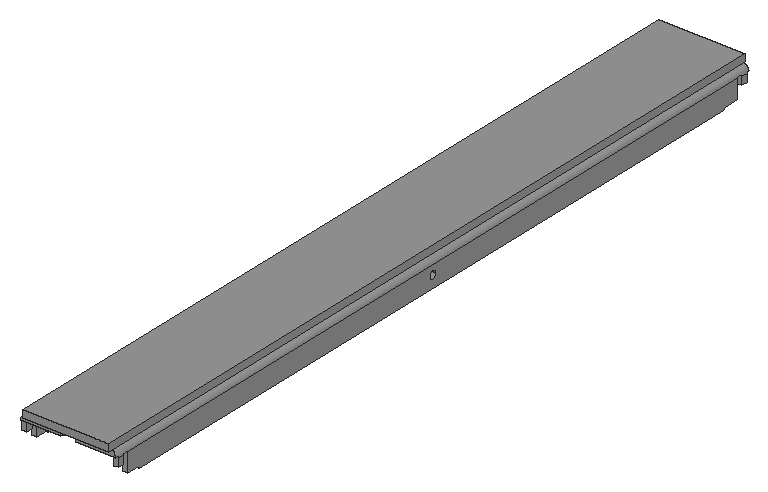
Revit family "Deckelstoßunterstützung- DSU2 600 6050 -AA", category Generic Models, Revit 2017
Family settings
  Can host rebar = No
  Round Connector Dimension = Use Diameter
  Part Type = Normal
  Work Plane-Based = No
  Always vertical = Yes
  Cut with Voids When Loaded = No
  Shared = No
  Room Calculation Point = No
Parameters (values of type "DSU2 600 6050")
  URL = "http://www.obo-bettermann.com"
  Material = Strip-galvanised
  Manufacturer Art.No. = "7424964"
  Manufacturer = "Obo Bettermann"
  Length 1 = 324.5 mm
  Length = 322.5 mm
  GTIN = "4012195245292"
  Article Type = "DSU2 600 6050"
Reference planes
  plane 1 "Center (Front/Back)": y = 0
  plane 2: z = 0
  plane 3 "Center (Left/Right)": x = 0
  plane 4: y = 317.5
  plane 5: z = 1.09
  plane 6: through (4267.2, 317.5, 1.09) normal (0, 0.7071, -0.7071)
  plane 7: z = 1.09
  plane 8: y = 5
  plane 9: through (4267.2, 5, 1.07) normal (0, 0.7071, 0.7071)
  plane 10: z = 1.09
  plane 11: y = 317.5
  plane 12: through (0, 317.5, 1.09) normal (0, -0.7071, 0.7071)
  plane 13: z = 5.09
  plane 14: y = 316.6
  plane 15: z = 1.07
  plane 16: y = 310.7
  plane 17: through (4267.2, 310.7, 1.07) normal (0, 0.7071, -0.7071)
  plane 18: z = 5.09
  plane 19: y = 5.9
  plane 20: z = 1.09
  plane 21: y = 10.9
  plane 22: through (0, 10.9, 1.07) normal (0, -0.7071, -0.7071)
  plane 23: y = 321.476
  plane 24: y = 319.236
  plane 25 "1.1": y = 1.1
  plane 26: y = 3.3
  plane 27: y = 3.3
  plane 28: x = -17.65
  plane 29: x = 17.667
  plane 30: y = 322.5
  plane 31: y = 161.4
  plane 32: z = 5.087
  plane 33: z = 9.087
  plane 34: y = 161.1
  plane 35: z = 5.119
  plane 36: z = 9.119
  plane 37: z = 9.119
Forms (mm)
  Extrusion 1, solid, material "Strip-galvanised" <- "Material"
    sketch origin (0, 0, 0) x (1, 0, 0) y (0, 0, 1)
      loop
        line (-17.65, 0) -> (-17.65, 8.479)
        arc (-17.65, 8.479) -> (-17.474, 8.903) -> (-17.05, 9.079) r 0.6
        line (-17.05, 9.079) -> (17.067, 9.079)
        arc (17.067, 9.079) -> (17.492, 8.903) -> (17.667, 8.479) r 0.6
        line (17.667, 8.479) -> (17.667, 0) -> (19.667, 0) -> (19.667, 8.479)
        arc (19.667, 8.479) -> (18.906, 10.317) -> (17.067, 11.079) r 2.6
        line (17.067, 11.079) -> (-17.05, 11.079)
        arc (-17.05, 11.079) -> (-18.888, 10.317) -> (-19.65, 8.479) r 2.6
        line (-19.65, 8.479) -> (-19.65, 0) -> (-17.65, 0)
    from -322.5 to 0
  Extrusion 2, void
    sketch origin (0, 0, 0) x (0, 1, 0) y (0, 0, 1)
      loop
        line (322.5, 1.09) -> (317.5, 1.09) -> (316.41, 0) -> (322.5, 0) -> (322.5, 1.09)
    from 17.667 to 19.667
  Extrusion 3, void
    sketch origin (0, 0, 0) x (0, 1, 0) y (0, 0, 1)
      loop
        line (0, 1.09) -> (0, 0) -> (6.07, 0) -> (4.98, 1.09) -> (0, 1.09)
    from 17.667 to 19.667
  Extrusion 4, void
    sketch origin (0, 0, 0) x (0, 1, 0) y (0, 0, 1)
      loop
        line (322.5, 1.09) -> (317.5, 1.09) -> (316.41, 0) -> (322.5, 0) -> (322.5, 1.09)
    from -19.65 to -17.65
  Extrusion 5, void
    sketch origin (0, 0, 0) x (0, 1, 0) y (0, 0, 1)
      loop
        line (0, 0) -> (6.07, 0) -> (4.98, 1.09) -> (0, 1.09) -> (0, 0)
    from -19.65 to -17.65
  Extrusion 6, void
    sketch origin (0, 0, 0) x (0, 1, 0) y (0, 0, 1)
      loop
        line (322.5, 5.09) -> (316.6, 5.09) -> (316.6, 1.09) -> (322.5, 1.09) -> (322.5, 5.09)
    from 17.667 to 19.667
  Extrusion 7, void
    sketch origin (0, 0, 0) x (0, 1, 0) y (0, 0, 1)
      loop
        line (316.6, 1.089) -> (310.719, 1.089) -> (309.63, 0) -> (316.41, 0) -> (317.499, 1.089) -> (316.6, 1.089)
    from 17.667 to 19.667
  Extrusion 8, void
    sketch origin (0, 0, 0) x (0, 1, 0) y (0, 0, 1)
      loop
        line (322.5, 5.09) -> (316.6, 5.09) -> (316.6, 1.07) -> (310.7, 1.07) -> (309.63, 0) -> (316.41, 0) -> (317.48, 1.07) -> (322.5, 1.07) -> (322.5, 5.09)
    from -19.65 to -17.65
  Extrusion 9, void
    sketch origin (0, 0, 0) x (0, 1, 0) y (0, 0, 1)
      loop
        line (0, 5.09) -> (0, 1.09) -> (4.98, 1.09) -> (6.07, 0) -> (11.97, 0) -> (10.88, 1.09) -> (5.9, 1.09) -> (5.9, 5.09) -> (0, 5.09)
    from 17.667 to 19.667
  Extrusion 10, void
    sketch origin (0, 0, 0) x (0, 1, 0) y (0, 0, 1)
      loop
        line (0, 5.09) -> (0, 1.09) -> (4.98, 1.09) -> (6.07, 0) -> (11.97, 0) -> (10.88, 1.09) -> (5.9, 1.09) -> (5.9, 5.09) -> (0, 5.09)
    from -19.65 to -17.65
  Extrusion 11, void
    sketch origin (0, 0, 0) x (0, 1, 0) y (0, 0, 1)
      loop
        line (322.5, 9.079) -> (321.476, 9.079) -> (321.476, 5.09) -> (322.5, 5.09) -> (322.5, 9.079)
      loop
        line (319.236, 5.09) -> (319.236, 9.079) -> (316.6, 9.079) -> (316.6, 5.09) -> (319.236, 5.09)
    from 16.25 to 21.064
  Extrusion 12, void
    sketch origin (0, 0, 0) x (0, 1, 0) y (0, 0, 1)
      loop
        line (0, 9.079) -> (0, 5.09) -> (1.086, 5.09) -> (1.086, 9.079) -> (0, 9.079)
    from 14.712 to 25.433
  Extrusion 13, void
    sketch origin (0, 0, 0) x (0, 1, 0) y (0, 0, 1)
      loop
        line (3.3, 5.09) -> (5.9, 5.09) -> (5.9, 9.079) -> (3.3, 9.079) -> (3.3, 5.09)
    from 14.712 to 22.943
  Extrusion 14, solid, material "Strip-galvanised" <- "Material"
    sketch origin (0, 0, 0) x (1, 0, 0) y (0, 0, 1)
      loop
        line (-17.65, 11.079) -> (17.667, 11.079) -> (17.667, 13.988) -> (-17.65, 13.988) -> (-17.65, 11.079)
    from -323.3 to 1.2
  Extrusion 15, void
    sketch origin (0, 0, 0) x (1, 0, 0) y (0, 1, 0)
      loop
        circle (-0.026, 0) r 2.953
    from 9.079 to 11.079
  Extrusion 16, void
    sketch origin (0, 0, 0) x (1, 0, 0) y (0, 1, 0)
      loop
        circle (-0.026, 322.5) r 3.019
    from 9.079 to 11.079
  Extrusion 17, void
    sketch origin (0, 0, 0) x (0, 1, 0) y (0, 0, 1)
      loop
        circle (161.4, 5.087) r 1.75
    from 17.667 to 19.667
  Extrusion 18, void
    sketch origin (0, 0, 0) x (0, 1, 0) y (0, 0, 1)
      loop
        line (0, 9.079) -> (0, 5.09) -> (1.086, 5.09) -> (1.086, 9.079) -> (0, 9.079)
    from -20.715 to -16.05
  Extrusion 19, void
    sketch origin (0, 0, 0) x (0, 1, 0) y (0, 0, 1)
      loop
        line (3.3, 9.079) -> (3.3, 5.09) -> (5.9, 5.09) -> (5.9, 9.079) -> (3.3, 9.079)
    from -20.715 to -16.05
  Extrusion 20, void
    sketch origin (0, 0, 0) x (0, 1, 0) y (0, 0, 1)
      loop
        line (322.5, 9.079) -> (321.476, 9.079) -> (321.476, 5.09) -> (322.5, 5.09) -> (322.5, 9.079)
    from -20.715 to -16.05
  Extrusion 21, void
    sketch origin (0, 0, 0) x (0, 1, 0) y (0, 0, 1)
      loop
        line (316.6, 9.079) -> (316.6, 5.09) -> (319.236, 5.09) -> (319.236, 9.079) -> (316.6, 9.079)
    from -20.715 to -16.05
  Extrusion 22, void
    sketch origin (0, 0, 0) x (0, 1, 0) y (0, 0, 1)
      loop
        circle (161.401, 5.11) r 1.75
    from -19.65 to -17.65
Cuts and joins
  Extrusion 2, Extrusion 3, Extrusion 4, Extrusion 5, Extrusion 6, Extrusion 7, Extrusion 8, Extrusion 9, Extrusion 10, Extrusion 11, Extrusion 12, Extrusion 13, Extrusion 15, Extrusion 16, Extrusion 17, Extrusion 18, Extrusion 19, Extrusion 20, Extrusion 21 cuts Extrusion 1
  Extrusion 15, Extrusion 16 cuts Extrusion 14
Dimensions and locks
  locked: Extrusion 1 sketch curve to Extrusion 1 sketch curve at 2  (x3)
  locked: Extrusion 1 sketch curve to level at 9.079
  locked: plane 3 "Center (Left/Right)" to Extrusion 1 sketch curve at 17.65
  locked: Extrusion 1 to Extrusion 1 at 35.317
  locked: plane 3 "Center (Left/Right)" to Extrusion 1 at 17.667
  "Length": Extrusion 1 to Extrusion 1
  locked: Extrusion 1 to plane 5 at 1.09
  plane 4 to Extrusion 1 = 5 mm
  cut or joined group 1 (Extrusion 1, Extrusion 2, Extrusion 3, Extrusion 4, Extrusion 5, Extrusion 6, Extrusion 7, Extrusion 8, Extrusion 9, Extrusion 10, Extrusion 11, Extrusion 12, Extrusion 13, Extrusion 15, Extrusion 16, Extrusion 17, Extrusion 18, Extrusion 19, Extrusion 20, Extrusion 21) to plane 8 = 5 mm
  locked: cut or joined group 1 to plane 7 at 1.09
  cut or joined group 1 to plane 11 = 5 mm
  locked: cut or joined group 1 to plane 10 at 1.09
  locked: level to plane 13 at 5.09
  plane 14 to cut or joined group 1 = 5.9 mm
  locked: cut or joined group 1 to plane 15 at 1.07
  locked: plane 16 to cut or joined group 1 at 5.9
  locked: plane 19 to cut or joined group 1 at 5.9
  locked: plane 18 to level at 5.09
  locked: plane 21 to plane 19 at 5
  locked: plane 26 to plane 19 at 2.6
  locked: plane 25 "1.1" to plane 26 at 2.2
  locked: plane 27 to plane 19 at 2.6
  Extrusion 14 sketch curve to Extrusion 14 sketch curve = 35.317 mm
  locked: plane 28 to plane 3 "Center (Left/Right)" at 17.5
  plane 3 "Center (Left/Right)" to plane 29 = 17.667 mm
  Extrusion 14 sketch curve to plane 3 "Center (Left/Right)" = 17.667 mm
  Extrusion 14 to Extrusion 14 = 324.5 mm
  "Length 1": Extrusion 14 to Extrusion 14
  Extrusion 14 to plane 1 "Center (Front/Back)" = 1.2 mm
  locked: cut or joined group 1 to plane 31 at 155.5
  locked: plane 33 to plane 32 at 4
  locked: plane 33 to Extrusion 17 sketch curve at 2.25
  locked: cut or joined group 1 to cut or joined group 1 at 3.337  (x2)
  locked: plane 37 to plane 35 at 4
  locked: cut or joined group 1 to plane 34 at 155.5
  locked: plane 37 to cut or joined group 1 at 2.282  (x2)
  plane 37 to plane 35 = 4 mm
  "Length": cut or joined group 1 to cut or joined group 1
  diameter of Extrusion 15 sketch curve = 5.906 mm
  diameter of Extrusion 16 sketch curve = 6.038 mm
  diameter of Extrusion 17 sketch curve = 3.5 mm
  diameter of cut or joined group 1 = 3.5 mm  (x2)
  angle Extrusion 2 sketch curve to plane 4 = 45.00°
  aligned and locked: level to plane 2
  aligned and locked: Extrusion 1 sketch curve to level  (x2)
  aligned and locked: plane 1 "Center (Front/Back)" to Extrusion 1
  aligned and locked: Extrusion 3 sketch curve to plane 1 "Center (Front/Back)"
  aligned and locked: Extrusion 3 sketch curve to plane 9
  aligned and locked: level to Extrusion 3 sketch curve
  aligned and locked: Extrusion 4 sketch curve to level
  aligned and locked: plane 10 to Extrusion 4 sketch curve
  aligned and locked: Extrusion 4 sketch curve to plane 12
  aligned and locked: Extrusion 1 to Extrusion 4
  aligned and locked: Extrusion 4 to Extrusion 1
  aligned and locked: Extrusion 1 to Extrusion 2  (x2)
  aligned and locked: Extrusion 1 to Extrusion 3
  aligned and locked: Extrusion 3 to Extrusion 1
  aligned and locked: level to Extrusion 5 sketch curve
  aligned and locked: Extrusion 5 sketch curve to plane 1 "Center (Front/Back)"
  aligned and locked: Extrusion 1 to Extrusion 5
  aligned and locked: Extrusion 5 to Extrusion 1
  aligned and locked: Extrusion 6 sketch curve to plane 14
  aligned and locked: Extrusion 6 sketch curve to plane 13
  aligned and locked: plane 2 to Extrusion 7 sketch curve
  aligned and locked: Extrusion 7 sketch curve to plane 17
  aligned and locked: Extrusion 8 sketch curve to plane 15
  aligned and locked: Extrusion 8 sketch curve to level
  aligned and locked: Extrusion 8 sketch curve to plane 17
  aligned and locked: plane 15 to Extrusion 8 sketch curve
  aligned and locked: Extrusion 8 sketch curve to plane 14
  aligned and locked: Extrusion 8 sketch curve to plane 13
  aligned and locked: Extrusion 8 to Extrusion 1
  aligned and locked: Extrusion 1 to Extrusion 8
  aligned and locked: Extrusion 1 to Extrusion 6  (x2)
  aligned and locked: Extrusion 7 to Extrusion 1
  aligned and locked: Extrusion 1 to Extrusion 7
  aligned and locked: Extrusion 9 sketch curve to level
  aligned and locked: Extrusion 9 sketch curve to plane 20  (x2)
  aligned and locked: Extrusion 9 sketch curve to plane 22
  aligned and locked: Extrusion 9 sketch curve to plane 18
  aligned and locked: plane 1 "Center (Front/Back)" to Extrusion 9 sketch curve
  aligned and locked: Extrusion 9 sketch curve to plane 19
  aligned and locked: Extrusion 1 to Extrusion 9
  aligned and locked: Extrusion 9 to Extrusion 1
  aligned and locked: plane 18 to Extrusion 10 sketch curve
  aligned and locked: Extrusion 10 sketch curve to plane 1 "Center (Front/Back)"
  aligned and locked: plane 20 to Extrusion 10 sketch curve  (x2)
  aligned and locked: level to Extrusion 10 sketch curve
  aligned and locked: Extrusion 10 sketch curve to plane 22
  aligned and locked: plane 19 to Extrusion 10 sketch curve
  aligned and locked: Extrusion 1 to Extrusion 10
  aligned and locked: Extrusion 10 to Extrusion 1
  aligned and locked: plane 18 to Extrusion 12
  aligned and locked: plane 1 "Center (Front/Back)" to Extrusion 12
  aligned and locked: Extrusion 12 to Extrusion 1
  aligned and locked: plane 27 to Extrusion 13 sketch curve
  aligned and locked: Extrusion 1 to Extrusion 15  (x2)
  aligned and locked: Extrusion 1 to Extrusion 16  (x2)
  aligned and locked: Extrusion 1 to Extrusion 17  (x2)
  aligned and locked: plane 36 to plane 37
  aligned and locked: plane 18 to Extrusion 18 sketch curve
  aligned and locked: plane 1 "Center (Front/Back)" to Extrusion 18 sketch curve
  aligned and locked: Extrusion 19 sketch curve to plane 18
  aligned and locked: Extrusion 19 sketch curve to plane 19
  aligned and locked: plane 13 to Extrusion 20 sketch curve
  aligned and locked: Extrusion 20 sketch curve to cut or joined group 1
  aligned and locked: Extrusion 21 sketch curve to plane 13
  aligned and locked: plane 14 to Extrusion 21 sketch curve
  aligned and locked: cut or joined group 1 to Extrusion 22  (x2)
Automatic sketch dimensions
  Extrusion 1 sketch curve to Extrusion 1 sketch curve = 0 mm  (x2)
  Extrusion 1 sketch curve to Extrusion 1 sketch curve = 0.6 mm  (x2)
  plane 3 "Center (Left/Right)" to Extrusion 1 sketch curve = 17.067 mm
  Extrusion 2 sketch curve to level = 0 mm
  plane 6 to Extrusion 2 sketch curve = 0 mm
  Extrusion 2 sketch curve to plane 5 = 0 mm
  plane 4 to Extrusion 2 sketch curve = 5 mm
  plane 7 to Extrusion 3 sketch curve = 0 mm
  Extrusion 7 sketch curve to plane 14 = 0 mm
  plane 15 to Extrusion 7 sketch curve = 0.019 mm
  Extrusion 8 sketch curve to plane 14 = 0.19 mm
  Extrusion 8 sketch curve to Extrusion 8 sketch curve = 0.88 mm
  Extrusion 8 sketch curve to Extrusion 8 sketch curve = 5.9 mm
  Extrusion 10 sketch curve to Extrusion 10 sketch curve = 0.92 mm
  Extrusion 10 sketch curve to plane 19 = 0.17 mm
  Extrusion 11 sketch curve to plane 14 = 0 mm
  Extrusion 11 sketch curve to plane 24 = 0 mm
  plane 13 to Extrusion 11 sketch curve = 0 mm  (x2)
  Extrusion 11 sketch curve to plane 23 = 0 mm
  Extrusion 11 sketch curve to Extrusion 11 sketch curve = 3.989 mm
  Extrusion 11 sketch curve to Extrusion 11 sketch curve = 0 mm
  plane 23 to Extrusion 11 sketch curve = 1.024 mm
  Extrusion 12 sketch curve to plane 1 "Center (Front/Back)" = 0 mm
  Extrusion 12 sketch curve to plane 13 = 0 mm
  Extrusion 12 sketch curve to plane 25 "1.1" = 0.014 mm
  Extrusion 12 sketch curve to plane 13 = 3.989 mm
  Extrusion 13 sketch curve to plane 13 = 0 mm
  Extrusion 13 sketch curve to plane 19 = 0 mm
  Extrusion 13 sketch curve to plane 13 = 3.989 mm
  Extrusion 14 sketch curve to Extrusion 14 sketch curve = 2.909 mm
  plane 1 "Center (Front/Back)" to Extrusion 15 sketch curve = 0 mm
  Extrusion 15 sketch curve to plane 3 "Center (Left/Right)" = 0.026 mm
  plane 30 to Extrusion 16 sketch curve = 0 mm
  Extrusion 16 sketch curve to plane 3 "Center (Left/Right)" = 0.026 mm
  Extrusion 17 sketch curve to plane 31 = 0 mm
  Extrusion 5 sketch curve to plane 20 = 0 mm
  plane 19 to Extrusion 5 sketch curve = 0.92 mm
  Extrusion 5 sketch curve to plane 19 = 0.17 mm
  plane 20 to Extrusion 6 sketch curve = 0 mm
  Extrusion 6 sketch curve to plane 30 = 0 mm
  Extrusion 7 sketch curve to plane 14 = 0.19 mm
  plane 14 to Extrusion 7 sketch curve = 0.899 mm
  Extrusion 9 sketch curve to Extrusion 9 sketch curve = 0.92 mm
  Extrusion 9 sketch curve to plane 19 = 0.17 mm
  Extrusion 14 sketch curve to plane 13 = 5.989 mm
  Extrusion 18 sketch curve to plane 36 = 0.04 mm
  Extrusion 18 sketch curve to Extrusion 18 sketch curve = 1.086 mm
  Extrusion 19 sketch curve to plane 36 = 0.04 mm
  plane 19 to Extrusion 19 sketch curve = 2.6 mm
  Extrusion 20 sketch curve to plane 23 = 0 mm
  Extrusion 20 sketch curve to plane 36 = 0.04 mm
  Extrusion 21 sketch curve to plane 24 = 0 mm
  Extrusion 21 sketch curve to plane 36 = 0.04 mm
  Extrusion 22 sketch curve to plane 35 = 0.009 mm
  Extrusion 22 sketch curve to plane 34 = 0.301 mm
  Extrusion 4 sketch curve to plane 30 = 0 mm
  radius of Extrusion 22 sketch curve = 1.75 mm
